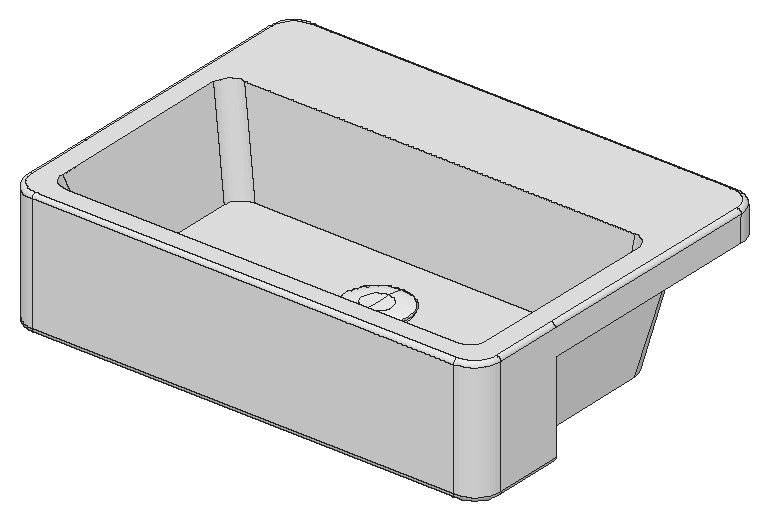
Revit family "Reece_Basin_Roca_The Gap_Semi Recessed Basin_550 mm", category Plumbing Fixtures, host Face, Revit 2018
Family settings
  Host = Face
  Round Connector Dimension = Use Diameter
  Part Type = Normal
  Cut with Voids When Loaded = No
  Shared = Yes
  Room Calculation Point = Yes
Parameters
  WFU = 0  # constant formula
  URL = "https://www.reece.com.au/product/-9506767"
  Type Comments = "Basin"
  Reece_Product_Web Page = "https://www.reece.com.au/product/-9506767"
  Reece_Product_Type = "Basin"  # constant formula
  Reece_Product_Sub Brand = "The Gap"  # constant formula
  Reece_Product_Number = "9506767"
  Reece_Product_Mount = "Semi Recessed"
  Reece_Product_Description = "Roca The Gap Semi Recessed Basin 550mm x 410mm 1 Taphole White"
  Reece_Product_Brand = "Roca"  # constant formula
  Reece_Overall_Width = 550 mm  # constant formula
  Reece_Overall_Length = 410 mm  # constant formula
  Reece_Overall_Height = 165 mm  # constant formula
  Reece_Overall_Capacity = 7.40 L  # constant formula
  Reece_Material_Secondary = Reece_Brass_Chrome
  Reece_Material-Main = Reece_Vitreous China_White
  Reece_Detail_Installation = "Semi Inset Basin"
  Reece_Detail_Disclaimer = "THIS FILE IS THE PROPERTY OF THE REECE GROUP. IT MAY NOT BE REPRODUCED, REVERSE-ENGINEERED OR MODIFIED. ANY REPUBLICATION, TRANSMISSION OR DISTRIBUTION FOR THE PURPOSE OF COMMERCIALLY EXPLOITING THE FILES IS PROHIBITED."  # constant formula
  Reece_Detail_Connector = "1 Taphole"
  Reece_Detail_Additional = "Overflow"
  Reece_Basin_Outlet = 50 mm  # constant formula
  Model = "The Gap"
  Manufacturer = "Roca"
  Keynote = "Product #9506767, Reece_Basin_Roca_The Gap_Semi Recessed Basin_550 mm -  "
  HWFU = 0  # constant formula
  Disclaimer = "THIS FILE IS THE PROPERTY OF THE REECE GROUP. IT MAY NOT BE REPRODUCED, REVERSE-ENGINEERED OR MODIFIED. ANY REPUBLICATION, TRANSMISSION OR DISTRIBUTION FOR THE PURPOSE OF COMMERCIALLY EXPLOITING THE FILES IS PROHIBITED."  # constant formula
  Description = "Roca The Gap Semi Recessed Basin 550mm x 410mm 1 Taphole White"
  Default Elevation = 1000 mm
  CWFU = 0  # constant formula
Types (2, lengths in mm): name | Keynote
  (no name) | "Product #9506767, Reece_Basin_Roca_The Gap_Semi Recessed Basin_550 mm -  "
  1 Taphole_Vitreous China | "Product #9506767, Reece_Basin_Roca_The Gap_Semi Recessed Basin_550 mm - 1 Taphole_Vitreous China"
Reference planes
  plane 1: y = -79.125
  plane 2 "Bottom": z = 0
  plane 3 "Center (Left/Right)": x = 0
  plane 4: y = 125.875
  plane 5: y = -284.125
  plane 6: z = -100
  plane 7: z = -55
  plane 8: z = -80
  plane 9: x = -275
  plane 10: x = 275
  plane 11 "Center (Front/Back)": y = -174.125
  plane 12: z = 35
  plane 13: z = -130
Forms (mm)
  Sweep 1, solid, material "Reece_Vitreous China_White" <- "Reece_Material-Main"
    path origin (0, 0, 0) x (1, 0, 0) y (0, 1, 0)
      loop
        line (275, -174.125) -> (275, 95.875)
        arc (275, 95.875) -> (266.213, 117.089) -> (245, 125.875) r 30
        line (245, 125.875) -> (-245, 125.875)
        arc (-245, 125.875) -> (-266.213, 117.089) -> (-275, 95.875) r 30
        line (-275, 95.875) -> (-275, -174.125)
    profile origin (-275, -39.125, 0) x (1, 0, 0) y (0, 0, 1)
      loop
        line (0, 0) -> (14, 0) -> (14, 20) -> (28, 20) -> (28, 35) -> (14.05, 35) -> (5, 35)
        arc (5, 35) -> (1.464, 33.536) -> (0, 30) r 5
        line (0, 30) -> (0, 0)
  SweptBlend 2, void
    path origin (0, -79.125, -30) x (1, 0, 0) y (0, 0, 1)
      loop
        line (0, -55) -> (0, 65)
    profile origin (0, -79.125, -85) x (-1, 0, 0) y (0, -1, 0)
      loop
        line (231, -55.05) -> (231, 115.05)
        arc (231, 115.05) -> (225.157, 129.157) -> (211.05, 135) r 19.95
        line (211.05, 135) -> (-206.05, 135)
        arc (-206.05, 135) -> (-220.157, 129.157) -> (-226, 115.05) r 19.95
        line (-226, 115.05) -> (-226, -55.05)
        arc (-226, -55.05) -> (-220.157, -69.157) -> (-206.05, -75) r 19.95
        line (-206.05, -75) -> (211.05, -75)
        arc (211.05, -75) -> (225.157, -69.157) -> (231, -55.05) r 19.95
    end profile origin (0, -79.125, 35) x (-1, 0, 0) y (0, -1, 0)
      loop
        line (227.05, 179) -> (-227.05, 179)
        arc (-227.05, 179) -> (-241.157, 173.157) -> (-247, 159.05) r 19.95
        line (-247, 159.05) -> (-247, -60.05)
        arc (-247, -60.05) -> (-241.157, -74.157) -> (-227.05, -80) r 19.95
        line (-227.05, -80) -> (227.05, -80)
        arc (227.05, -80) -> (241.157, -74.157) -> (247, -60.05) r 19.95
        line (247, -60.05) -> (247, 159.05)
        arc (247, 159.05) -> (241.157, 173.157) -> (227.05, 179) r 19.95
  Extrusion 3, void
    sketch origin (0, 0, 0) x (1, 0, 0) y (0, 1, 0)
      loop
        arc (-215.05, 26.875) -> (-247.542, 13.417) -> (-261, -19.074) r 45.95
        line (-261, -19.074) -> (-261, -224.125)
        arc (-261, -224.125) -> (-247.542, -256.616) -> (-215.05, -270.074) r 45.95
        line (-215.05, -270.074) -> (215.05, -270.074)
        arc (215.05, -270.074) -> (247.542, -256.616) -> (261, -224.125) r 45.95
        line (261, -224.125) -> (261, -19.074)
        arc (261, -19.074) -> (247.542, 13.417) -> (215.05, 26.875) r 45.95
        line (215.05, 26.875) -> (-215.05, 26.875)
    from -100 to 0
  Revolve 4, solid, material "Reece_Vitreous China_White" <- "Reece_Material-Main"
    sketch origin (0, 0, -30) x (0, 1, 0) y (0, 0, 1)
      loop
        line (-66.125, -66.747) -> (-66.125, -100) -> (-61.125, -100) -> (-61.125, -66.747) -> (-66.125, -66.747)
      axis (-89.125, -66.747) -> (-89.125, -100)
    angle from 0 to 360
  SweptBlend 5, solid, material "Reece_Vitreous China_White" <- "Reece_Material-Main"
    path origin (0, -79.125, -30) x (1, 0, 0) y (0, 0, 1)
      loop
        line (0, -66.747) -> (0, 65)
    profile origin (0, -79.125, -96.747) x (-1, 0, 0) y (0, -1, 0)
      loop
        line (247, -55.05) -> (247, 115.05)
        arc (247, 115.05) -> (240.278, 131.278) -> (224.05, 138) r 22.95
        line (224.05, 138) -> (-224.05, 138)
        arc (-224.05, 138) -> (-240.278, 131.278) -> (-247, 115.05) r 22.95
        line (-247, 115.05) -> (-247, -55.05)
        arc (-247, -55.05) -> (-240.278, -71.278) -> (-224.05, -78) r 22.95
        line (-224.05, -78) -> (224.05, -78)
        arc (224.05, -78) -> (240.278, -71.278) -> (247, -55.05) r 22.95
    end profile origin (0, -79.125, 35) x (-1, 0, 0) y (0, -1, 0)
      loop
        line (261, -105.28) -> (261, 175)
        arc (261, 175) -> (256.314, 186.314) -> (245, 191) r 16
        line (245, 191) -> (-245, 191)
        arc (-245, 191) -> (-256.314, 186.314) -> (-261, 175) r 16
        line (-261, 175) -> (-261, -105.28) -> (261, -105.28)
  Extrusion 6, void
    sketch origin (0, -79.125, 0) x (1, 0, 0) y (0, 0, 1)
      loop
        circle (0, 37.48) r 10
    from -123.588 to -32.17
  Extrusion 7, solid, material "Reece_Vitreous China_White" <- "Reece_Material-Main"
    sketch origin (0, 0, 65) x (-1, 0, 0) y (0, -1, 0)
      loop
        line (252, -102.875) -> (252, 238.175)
        arc (252, 238.175) -> (244.692, 255.817) -> (227.05, 263.125) r 24.95
        line (227.05, 263.125) -> (-227.05, 263.125)
        arc (-227.05, 263.125) -> (-244.692, 255.817) -> (-252, 238.175) r 24.95
        line (-252, 238.175) -> (-252, -102.875) -> (252, -102.875)
    from -30 to -45
  Revolve 8, solid, material "Reece_Brass_Chrome" <- "Reece_Material_Secondary"
    sketch origin (0, 7.803, -83.837) x (0, 1, 0) y (0, 0, 1)
      loop
        line (-132.187, 1.607) -> (-96.928, 1.607) -> (-96.928, 7.189) -> (-113.596, 7.189)
        arc (-113.596, 7.189) -> (-123.355, 6.496) -> (-132.918, 4.433) r 69.106
        arc (-132.918, 4.433) -> (-133.607, 3.721) -> (-133.345, 2.766) r 1
        line (-133.345, 2.766) -> (-132.187, 1.607)
      axis (-96.928, 7.189) -> (-96.928, 1.607)
    angle from 0 to 360
  Revolve 9, void
    sketch origin (0, 357.799, -34.962) x (0, 1, 0) y (0, 0, 1)
      loop
        arc (-481.924, -50.038) -> (-474.762, -54.072) -> (-471.924, -61.785) r 11.9
        line (-471.924, -61.785) -> (-471.924, -95.038) -> (-446.924, -95.038) -> (-446.924, -50.038) -> (-481.924, -50.038)
      axis (-446.924, -50.038) -> (-446.924, -95.038)
    angle from 0 to 360
  Sweep 10, solid, material "Reece_Vitreous China_White" <- "Reece_Material-Main"
    path origin (0, 0, 65) x (-1, 0, 0) y (0, -1, 0)
      loop
        line (275, 174.125) -> (275, 254.125)
        arc (275, 254.125) -> (266.213, 275.338) -> (245, 284.125) r 30
        line (245, 284.125) -> (-245, 284.125)
        arc (-245, 284.125) -> (-266.213, 275.338) -> (-275, 254.125) r 30
        line (-275, 254.125) -> (-275, 174.125)
    profile origin (275, -174.125, 65) x (-1, 0, 0) y (0, 0, 1)
      loop
        line (0, -35) -> (0, -170)
        arc (0, -170) -> (1.464, -173.536) -> (5, -175) r 5
        line (5, -175) -> (14, -175) -> (28, -175) -> (28, -161.747) -> (14, -161.747) -> (14, -45) -> (14, -30) -> (5, -30)
        arc (5, -30) -> (1.464, -31.464) -> (0, -35) r 5
  Extrusion 11, solid, material "Reece_Vitreous China_White" <- "Reece_Material-Main"
    sketch origin (0, 0, 65) x (-1, 0, 0) y (0, -1, 0)
      loop
        arc (261, 254.125) -> (256.314, 265.438) -> (245, 270.125) r 16
        line (245, 270.125) -> (-245, 270.125)
        arc (-245, 270.125) -> (-256.314, 265.438) -> (-261, 254.125) r 16
        line (-261, 254.125) -> (-261, 174.125) -> (261, 174.125) -> (261, 254.125)
    from -175 to -30
  Revolve 12, void
    sketch origin (0, 357.799, -34.962) x (0, 1, 0) y (0, 0, 1)
      loop
        line (-486.924, -62.005) -> (-486.924, -140.038) -> (-446.924, -140.038) -> (-446.924, -62.005) -> (-486.924, -62.005)
      axis (-446.924, -62.005) -> (-446.924, -140.038)
    angle from 0 to 360
Cuts and joins
  Revolve 12 cuts Sweep 1
  SweptBlend 2, Extrusion 6, Revolve 9 cuts SweptBlend 5
  SweptBlend 2, Revolve 9, Revolve 12 cuts Extrusion 7
  Revolve 12 cuts Sweep 10
  SweptBlend 2, Revolve 12 cuts Extrusion 11
  joined: Sweep 1, SweptBlend 5, Extrusion 7, Sweep 10, Extrusion 11
  Revolve 9 cuts Revolve 4
Lines and regions (mm)
  model lines
    curve 1: circle (0, 65.875, 35) r 17.5 normal (0, 0, 1)
Text (mm)
  text "Reece Copyright © 2018, Reece Ltd." at (-902.343, -740.328, 0), in view "Ref. Level"
  text "Reece ©" at (44.384, 258.95, 192.345), in view "Reece Preview"
Dimensions and locks
  "Reece_Overall_Length": plane 4 to plane 5
  equal spacing: plane 4, plane 1, plane 5
  "Reece_Overall_Width": plane 9 to plane 10
  Revolve 9 sketch curve to Revolve 9 sketch curve = 25 mm
  equal spacing: plane 9, plane 3 "Center (Left/Right)", plane 10
  "Reece_Overall_Width": plane 9 to cut or joined group of Sweep 1, SweptBlend 2, SweptBlend 5, Extrusion 6, Extrusion 7, Revolve 9, Sweep 10, Extrusion 11, Revolve 12
  "Reece_Overall_Length": cut or joined group of Sweep 1, SweptBlend 2, SweptBlend 5, Extrusion 6, Extrusion 7, Revolve 9, Sweep 10, Extrusion 11, Revolve 12 to plane 5
  Revolve 12 sketch curve to Revolve 12 sketch curve = 40 mm
  aligned and locked: host face to plane 2 "Bottom"
  aligned and locked: level to host face
  aligned and locked: level to Extrusion 3
  aligned and locked: plane 3 "Center (Left/Right)" to curve 1
Automatic sketch dimensions
  host sketch curve to host sketch curve = 801.051 mm
  host sketch curve to host sketch curve = 394.125 mm
  SweptBlend 2 sketch curve to plane 3 "Center (Left/Right)" = 0 mm
  SweptBlend 2 sketch curve to plane 7 = 30 mm
  Revolve 4 sketch curve to plane 6 = 30 mm  (x2)
  Revolve 4 sketch curve to plane 1 = 13 mm
  Revolve 4 sketch curve to Revolve 4 sketch curve = 5 mm
  Revolve 4 sketch curve to plane 7 = 41.747 mm  (x2)
  SweptBlend 5 sketch curve to plane 3 "Center (Left/Right)" = 0 mm
  SweptBlend 5 sketch curve to plane 7 = 41.747 mm
  Extrusion 6 sketch curve to plane 3 "Center (Left/Right)" = 0 mm
  Sweep 1 sketch curve to profile plane = 5 mm
  Sweep 1 sketch curve to Sweep 1 sketch curve = 13.95 mm
  Sweep 1 sketch curve to Sweep 1 sketch curve = 15 mm
  Sweep 1 sketch curve to Sweep 1 sketch curve = 9.05 mm
  profile plane to SweptBlend 5 sketch curve = 261 mm
  SweptBlend 5 sketch curve to plane 1 = 105.28 mm
  profile plane to SweptBlend 2 sketch curve = 247 mm
  SweptBlend 2 sketch curve to SweptBlend 2 sketch curve = 19.95 mm  (x6)
  SweptBlend 2 sketch curve to profile plane = 227.05 mm  (x2)
  SweptBlend 2 sketch curve to plane 1 = 80 mm
  plane 1 to SweptBlend 2 sketch curve = 159.05 mm
  Extrusion 3 sketch curve to plane 9 = 14 mm
  plane 10 to Extrusion 3 sketch curve = 14 mm
  profile plane to SweptBlend 5 sketch curve = 247 mm
  SweptBlend 5 sketch curve to SweptBlend 5 sketch curve = 22.95 mm  (x3)
  plane 1 to SweptBlend 5 sketch curve = 115.05 mm
  SweptBlend 5 sketch curve to profile plane = 224.05 mm
  SweptBlend 5 sketch curve to plane 1 = 55.05 mm
  SweptBlend 5 sketch curve to SweptBlend 5 sketch curve = 0 mm
  profile plane to SweptBlend 2 sketch curve = 226 mm
  plane 1 to SweptBlend 2 sketch curve = 115.05 mm
  SweptBlend 2 sketch curve to profile plane = 211.05 mm
  SweptBlend 2 sketch curve to plane 1 = 55.05 mm
  SweptBlend 2 sketch curve to SweptBlend 2 sketch curve = 0 mm
  Extrusion 7 sketch curve to Extrusion 7 sketch curve = 24.95 mm  (x2)
  Extrusion 7 sketch curve to plane 4 = 23 mm
  Revolve 8 sketch curve to plane 7 = 21.648 mm
  Revolve 8 sketch curve to plane 7 = 27.23 mm
  Revolve 8 sketch curve to Revolve 8 sketch curve = 18.591 mm
  Revolve 8 sketch curve to Revolve 8 sketch curve = 0.452 mm
  Revolve 8 sketch curve to plane 7 = 26.072 mm
  Revolve 8 sketch curve to Revolve 8 sketch curve = 0.707 mm  (x2)
  Revolve 8 sketch curve to plane 6 = 45.755 mm
  Revolve 8 sketch curve to Revolve 8 sketch curve = 7.643 mm
  Revolve 8 sketch curve to Revolve 8 sketch curve = 18.251 mm
  Revolve 9 sketch curve to plane 7 = 30 mm
  Revolve 9 sketch curve to Revolve 9 sketch curve = 10 mm
  Revolve 9 sketch curve to plane 7 = 41.747 mm
  Revolve 9 sketch curve to plane 6 = 30 mm
  Revolve 9 sketch curve to plane 6 = 38.75 mm
  Revolve 9 sketch curve to plane 7 = 18.75 mm
  Sweep 1 sketch curve to plane 9 = 0 mm
  Sweep 1 sketch curve to plane 4 = 0 mm
  Sweep 1 sketch curve to plane 10 = 0 mm
  Sweep 1 sketch curve to level = 0 mm
  Sweep 1 sketch curve to Sweep 1 sketch curve = 20 mm
  Sweep 1 sketch curve to profile plane = 0 mm
  Sweep 1 sketch curve to Sweep 1 sketch curve = 9 mm
  Sweep 10 sketch curve to plane 10 = 0 mm
  plane 5 to Sweep 10 sketch curve = 0 mm
  Sweep 10 sketch curve to plane 9 = 0 mm
  plane 10 to Extrusion 11 sketch curve = 14 mm
  Sweep 10 sketch curve to profile plane = 0 mm
  Sweep 10 sketch curve to Sweep 10 sketch curve = 5 mm
  Sweep 10 sketch curve to profile plane = 5 mm
  Sweep 10 sketch curve to Sweep 10 sketch curve = 9 mm  (x2)
  Sweep 10 sketch curve to Sweep 10 sketch curve = 14 mm
  Sweep 10 sketch curve to Sweep 10 sketch curve = 10 mm
  Sweep 10 sketch curve to Sweep 10 sketch curve = 116.747 mm  (x2)
  Sweep 10 sketch curve to Sweep 10 sketch curve = 8.253 mm
  Sweep 10 sketch curve to Sweep 10 sketch curve = 0 mm
  SweptBlend 5 sketch curve to profile plane = 245 mm
  SweptBlend 5 sketch curve to SweptBlend 5 sketch curve = 16 mm  (x2)
  plane 1 to SweptBlend 5 sketch curve = 175 mm
  Sweep 10 sketch curve to plane 9 = 30 mm
  Extrusion 11 sketch curve to plane 9 = 30 mm
  Extrusion 3 sketch curve to Extrusion 3 sketch curve = 45.95 mm  (x3)
  plane 10 to Sweep 10 sketch curve = 30 mm
  Extrusion 7 sketch curve to plane 5 = 45.95 mm
  Extrusion 11 sketch curve to plane 5 = 14 mm
  Extrusion 11 sketch curve to Extrusion 11 sketch curve = 16 mm
  Extrusion 11 sketch curve to plane 9 = 14 mm
  Sweep 1 sketch curve to plane 4 = 30 mm  (x2)
  plane 1 to Sweep 1 sketch curve = 95 mm  (x2)
  plane 10 to Extrusion 3 sketch curve = 59.95 mm
  Extrusion 3 sketch curve to plane 5 = 14.05 mm
  Extrusion 3 sketch curve to plane 1 = 60.05 mm
  plane 1 to Revolve 4 sketch curve = 10 mm
  plane 1 to Revolve 8 sketch curve = 46.417 mm
  plane 1 to Revolve 8 sketch curve = 10 mm  (x2)
  plane 1 to Revolve 9 sketch curve = 46.9 mm
  Revolve 9 sketch curve to Revolve 9 sketch curve = 0 mm
  Sweep 10 sketch curve to Sweep 10 sketch curve = 80 mm  (x2)
  Extrusion 11 sketch curve to Extrusion 11 sketch curve = 80 mm
  plane 10 to Extrusion 7 sketch curve = 23 mm
  Extrusion 7 sketch curve to plane 9 = 47.95 mm
  Sweep 1 to curve 1 = 32 mm
  level to SweptBlend 2 sketch curve = 35 mm
  level to SweptBlend 5 sketch curve = 35 mm
  level to Extrusion 6 sketch curve = 37.48 mm
  Sweep 10 sketch curve to profile plane = 175 mm
  plane 13 to Revolve 12 sketch curve = 45 mm
  Revolve 12 sketch curve to plane 8 = 16.967 mm
  Revolve 12 sketch curve to Revolve 12 sketch curve = 0 mm
  plane 13 to Revolve 12 sketch curve = 8.75 mm
  plane 8 to Revolve 12 sketch curve = 6.25 mm
  plane 1 to Revolve 12 sketch curve = 50 mm
  radius of Extrusion 6 sketch curve = 10 mm
  radius of curve 1 = 17.5 mm
Connectors
  piping at (0, -89.125, -130), diameter 50, driven by "Reece_Basin_Outlet"
    settings: on cut or joined group of Revolve 4, Revolve 9, index 1, connector inside diameter 609.6 mm, connector length 0 mm, flow factor 0, pipe flow 0.0 L/s, pressure drop 0.0 Pa, fitting loss kfactor 0, connector angle 0.00°, fixture units 0, engagement length 0 mm, angle of deflection 0.00°, flow configuration 0, flow direction 2, fitting loss method 0, system type 16, joint type 0, gender type 0, connector reference index -1, connector utility 0, adjustable connector no, is connector primary yes, connector description ""
